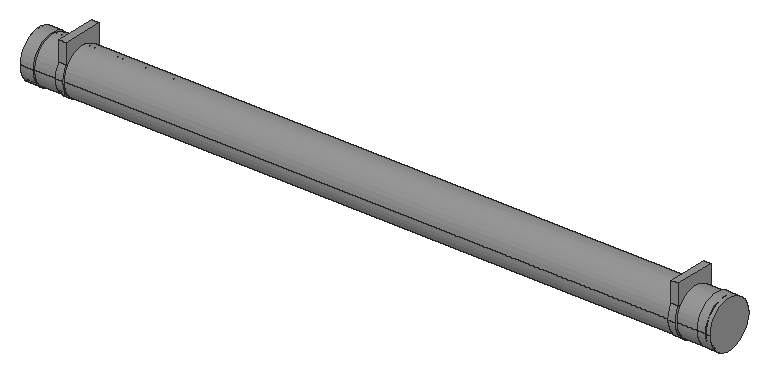
Revit family "ALYSTER_UGR_120M_LED_TRANSP_IP67_40W_6000LM", category Lighting Fixtures, host Ceiling, Revit 2021
Family settings
  Host = Ceiling
  Round Connector Dimension = Use Diameter
  Part Type = Normal
  OmniClass Number = 23.80.70.11
  OmniClass Title = Luminaries for Internal Lighting
  Always vertical = Yes
  Cut with Voids When Loaded = No
  Light Source = Yes
  Shared = No
  Room Calculation Point = No
Parameters (values of type "Type 1")
  Wattage Comments = "40W"
  Wattage = 40.3926 W
  built-in parameter 1150110 = 1 (stored number, unit not read)
  URL = "https://www.lucera.fr/"
  Type de lampe = "Philips SMD 3030"
  Type = "Tubulaire étanche"
  built-in parameter 1114217 = 1 (stored number, unit not read)
  Tilt Angle = 90.00°
  built-in parameter 1150109 = 1 (stored number, unit not read)
  built-in parameter 1150134 = 12
  built-in parameter 1150113 = 1 (stored number, unit not read)
  SDCM = "<4"
  Puissance nominale = "40W"
  Poids = "2 kgs"
  Photometric Web File = "google_eulumdat_converter (5).ies"
  Matériau = "Polycarbonate"
  Manufacturer = "Lucera - Lucera (c) 06/01/2021 16:40:28 +01:00"  # constant formula
  Maintien du flux = "L80B10 (50 000 heures)"
  Lumens = 6000 lm
  built-in parameter 1150115 = 1 (stored number, unit not read)
  built-in parameter 1150105 = 477.46 (stored number, unit not read)
  built-in parameter 1150137 = (empty or 0)
  built-in parameter 1150139 = (empty or 0)
  built-in parameter 1150112 = 1 (stored number, unit not read)
  built-in parameter 1150114 = 1 (stored number, unit not read)
  Lamp = "LED Smd 2835 Epistar"
  built-in parameter 1150132 = 2
  built-in parameter 1150102 = (empty or 0)
  built-in parameter 1150138 = (empty or 0)
  built-in parameter 1150107 = 4000 (stored number, unit not read)
  built-in parameter 1150106 = 4.7746 (stored number, unit not read)
  IRC = ">80"
  Emit from Line Length = 609.6 mm
  built-in parameter 1150104 = 13.8 (stored number, unit not read)
  Durée de vie = "50 000 heures"
  Driver = "Driver Tridonic"
  Dimming Lamp Color Temperature Shift = <None>
  Dimensions = "Ø80 x 1200 mm"
  Diffuseur = "Transparent"
  Default Elevation = 0 mm
  Color Filter = 16777215
  built-in parameter 1114218 = 1 (stored number, unit not read)
  built-in parameter 1150133 = 10 (stored number, unit not read)
  Angle d'éclairage = "30 °"
  Alimentation luminaire = "700mA / 27-54V dc"
  Alimentation = "AC 200-240V"
Reference planes
  plane 1 "Light Source Axis (F/B)": y = 0
  plane 2: z = 0
  plane 3 "Light Source Axis (L/R)": x = 0
  plane 4 "Ceiling": z = 4000
  plane 5 "Light Source Elevation": z = 3940.506
Forms (mm)
  Extrusion 1, solid, material "Polycarbonate"
    sketch origin (0, 0, 188.946) x (0, 1, 0) y (0, 0, 1)
      loop
        circle (0, 3750) r 40
    from -600 to 591.435
  Extrusion 2, solid, material "Aluminum"
    sketch origin (300, 0.537, 188.946) x (0, 1, 0) y (0, 0, 1)
      loop
        circle (0, 3750) r 41
    from 277.028 to 300
  Extrusion 3, solid, material "Aluminum"
    sketch origin (-877.028, -0.048, 188.946) x (0, 1, 0) y (0, 0, 1)
      loop
        circle (0, 3750) r 41
    from 277.028 to 300
  Extrusion 4, solid, material "Aluminum"
    sketch origin (-815.647, 0.468, 188.946) x (0, 1, 0) y (0, 0, 1)
      loop
        circle (0, 3750) r 41
    from 277.028 to 290
  Extrusion 5, solid, material "Aluminum"
    sketch origin (250, -0.444, 188.946) x (0, 1, 0) y (0, 0, 1)
      loop
        circle (0, 3750) r 41
    from 277.028 to 290
  Extrusion 6, solid, material "Aluminum"
    sketch origin (322.028, -0.663, 188.946) x (0, 1, 0) y (0, 0, 1)
      loop
        line (-34.337, 3773.071) -> (35.663, 3773.071) -> (35.663, 3808.071) -> (-34.337, 3808.071) -> (-34.337, 3773.071)
    from 205 to 217.972
  Extrusion 7, solid, material "Aluminum"
    sketch origin (-743.619, 1.18, 188.946) x (0, 1, 0) y (0, 0, 1)
      loop
        line (-34.337, 3773.071) -> (35.663, 3773.071) -> (35.663, 3808.071) -> (-34.337, 3808.071) -> (-34.337, 3773.071)
    from 205 to 217.972
  Extrusion 8, solid, material "Aluminum"
    sketch origin (0, 0, 0) x (0, 1, 0) y (0, 0, 1)
      loop
        arc (37.705, 3940.506) -> (0, 3978.211) -> (-37.705, 3940.506) r 37.705
        arc (-37.705, 3940.506) -> (-36.406, 3930.695) -> (-32.599, 3921.559) r 37.705
        line (-32.599, 3921.559) -> (-29.066, 3925.093)
        arc (-29.066, 3925.093) -> (-32.9, 3940.465) -> (-29.104, 3955.848) r 32.9
        arc (-29.104, 3955.848) -> (15.341, 3969.61) -> (29.104, 3925.165) r 32.9
        line (29.104, 3925.165) -> (32.64, 3921.629)
        arc (32.64, 3921.629) -> (36.417, 3930.734) -> (37.705, 3940.506) r 37.705
    from -589.846 to 591.435
Lines and regions (mm)
  reference lines
    curve 1: line (0, 0, 4000) -> (0, 40, 4000)
    curve 2: line (0, 0, 4000) -> (0, -40, 4000)
    curve 3: line (0, 0, 4000) -> (600, 0, 4000)
    curve 4: line (0, 0, 4000) -> (-600, 0, 4000)
    curve 5: line (0, 0, 4000) -> (-527, 0, 4000)
Dimensions and locks
  equal spacing: host sketch curve, plane 3 "Light Source Axis (L/R)", host sketch curve
  equal spacing: host sketch curve, plane 1 "Light Source Axis (F/B)", host sketch curve
  host sketch curve to host sketch curve = 4000 mm  (x2)
  plane 4 "Ceiling" to host ceiling = 0 mm
  aligned and locked: plane 5 "Light Source Elevation" to imposter light
